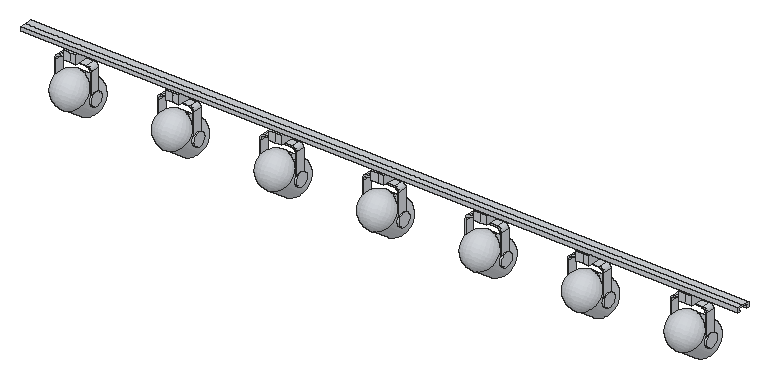
Revit family
Parameters
  OffstDown = 12"
  Lumens = 1800 lm
  Length = 84"
  Array [instance] = Length / 12" / 2  # 4
Reference planes (in)
  plane 1 "Light Source Axis (F/B)": y = 0
  plane 2 "Ceiling": z = 96
  plane 3 "Light Source Axis (L/R)": x = 0
  plane 4 "Light Source Elevation": z = 84
  plane 5: x = -42
  plane 6: x = 42
  plane 7: z = 83.5
Forms (in)
  Extrusion 1, solid
    sketch origin (0, 0, -4) x (0, 1, 0) y (0, 0, 1)
      loop
        line (0, 88) -> (-0.75, 88) -> (-0.75, 87.5) -> (-0.5, 87.5) -> (-0.5, 87.625) -> (-0.625, 87.625) -> (-0.625, 87.875) -> (0, 87.875) -> (0.625, 87.875) -> (0.625, 87.625) -> (0.5, 87.625) -> (0.5, 87.5) -> (0.75, 87.5) -> (0.75, 88) -> (0, 88)
    from -42 to 42
Lines and regions (in)
  sketch lines
    curve 1: line (-60, 60, 0) -> (60, 60, 0)
    curve 2: line (-60, 60, 0) -> (-60, -60, 0)
    curve 3: line (-60, -60, 0) -> (60, -60, 0)
    curve 4: line (60, 60, 0) -> (60, -60, 0)
Dimensions and locks (in)
  equal spacing: curve 2, plane 3 "Light Source Axis (L/R)", curve 4
  equal spacing: curve 3, plane 1 "Light Source Axis (F/B)", curve 1
  curve 2 to curve 4 = 120"
  curve 3 to curve 1 = 120"
  "Length": plane 6 to plane 5
  equal spacing: plane 6, plane 3 "Light Source Axis (L/R)", plane 5
  equal spacing: group 1, group 2, group 4, group 5  (x3)
  equal spacing: group 7, group 6, group 3, group 1
  equal spacing: group 1, group 3, group 6, group 7  (x2)
  "OffstDown": plane 2 "Ceiling" to plane 4 "Light Source Elevation"
  plane 4 "Light Source Elevation" to plane 7 = 1/2"
  aligned and locked: plane 6 to Extrusion 1
  aligned and locked: Extrusion 1 to plane 5
  aligned and locked: plane 3 "Light Source Axis (L/R)" to nested 1
  aligned and locked: Extrusion 1 to Extrusion 1
  aligned and locked: nested 1 to Extrusion 1
  aligned and locked: nested 2 to Extrusion 1
  aligned and locked: nested 3 to Extrusion 1
  aligned and locked: Extrusion 1 to plane 4 "Light Source Elevation"
  aligned and locked: plane 7 to Extrusion 1
Automatic sketch dimensions
  Extrusion 1 sketch curve to plane 2 "Ceiling" = 12"
  Extrusion 1 sketch curve to plane 1 "Light Source Axis (F/B)" = 0"  (x2)
  plane 1 "Light Source Axis (F/B)" to Extrusion 1 sketch curve = 1/2"
  Extrusion 1 sketch curve to Extrusion 1 sketch curve = 1/8"  (x6)
  Extrusion 1 sketch curve to plane 1 "Light Source Axis (F/B)" = 1/2"
  Extrusion 1 sketch curve to plane 2 "Ceiling" = 12 1/8"
  Extrusion 1 sketch curve to Extrusion 1 sketch curve = 1/4"  (x2)
Nested families (in)
  nested 1: "4 track light model" at (0, 0, 83.5), type "4 track light model"
  nested 2: "4 track light model" at (12, 0, 83.5), type "4 track light model"
  nested 3: "4 track light model" at (-12, 0, 83.5), type "4 track light model"
  nested 4: "4 track light model" at (24, 0, 83.5), type "4 track light model"
  nested 5: "4 track light model" at (36, 0, 83.5), type "4 track light model"
  nested 6: "4 track light model" at (-24, 0, 83.5), type "4 track light model"
  nested 7: "4 track light model" at (-36, 0, 83.5), type "4 track light model"
Definition of nested family "4 track light model"
  Reference planes (in)
    plane 1 "Center (Front/Back)": y = 0
    plane 2: z = 0
    plane 3 "Center (Left/Right)": x = 0
  Forms (in)
    Extrusion 1, solid
      sketch origin (0, 0.5, -1) x (-1, 0, 0) y (0, 0, -1)
        loop
          line (-2, 0.6225) -> (-2, 4) -> (-2.125, 4) -> (-2.125, 0.5)
          arc (-2.125, 0.5) -> (-1.97855, 0.14645) -> (-1.625, 0) r 0.5
          line (-1.625, 0) -> (1.625, 0)
          arc (1.625, 0) -> (1.97855, 0.14645) -> (2.125, 0.5) r 0.5
          line (2.125, 0.5) -> (2.125, 4) -> (2, 4) -> (2, 0.6225)
          arc (2, 0.6225) -> (1.85355, 0.26895) -> (1.5, 0.1225) r 0.5
          line (1.5, 0.1225) -> (-1.5, 0.1225)
          arc (-1.5, 0.1225) -> (-1.85355, 0.26895) -> (-2, 0.6225) r 0.5
      from 0 to 1
    Extrusion 2, void
      sketch origin (0, 0.5, -1) x (0, 1, 0) y (0, 0, -1)
        loop
          line (0, 3.5) -> (0, 4) -> (-0.5, 4)
          arc (-0.5, 4) -> (-0.14645, 3.85355) -> (0, 3.5) r 0.5
      from -2.125 to 2.125
    Extrusion 3, void
      sketch origin (0, 0.5, -1) x (0, 1, 0) y (0, 0, -1)
        loop
          line (-0.5, 4) -> (-1, 4) -> (-1, 3.5)
          arc (-1, 3.5) -> (-0.85355, 3.85355) -> (-0.5, 4) r 0.5
      from -2.125 to 2.125
    Extrusion 4, void
      sketch origin (0, 0.5, -1) x (0, 1, 0) y (0, 0, -1)
        loop
          circle (-0.5, 3.5) r 0.125
      from -2.125 to 2.125
    Extrusion 5, solid
      sketch origin (0.12388, 1.5638, -5.75356) x (0, -0.573576, -0.819152) y (1, 0, 0)
        loop
          circle (-0.08343, -0.12315) r 2
      from 0 to 3
    Extrusion 6, void
      sketch origin (0.12388, 1.5638, -5.75356) x (0, -0.573576, -0.819152) y (1, 0, 0)
        loop
          circle (-0.08343, -0.12315) r 1.875
      from 0 to 2.5
    Extrusion 7, solid
      sketch origin (2.125, 0.5, -1) x (-1, 0, 0) y (0, -1, 0)
        loop
          line (2.125, 1.5) -> (1.375, 1.5) -> (1.375, -0.5) -> (2.875, -0.5) -> (2.875, 1.5) -> (2.125, 1.5)
      from 0 to 1
    Revolve 8, solid
      sketch origin (0.12388, -0.89366, -4.03283) x (0, -0.573576, -0.819152) y (1, 0, 0)
        loop
          line (1.91657, -0.12315) -> (-2.08343, -0.12315)
          arc (-2.08343, -0.12315) -> (-0.08343, -2.12315) -> (1.91657, -0.12315) r 2
        axis (1.91657, -0.12315) -> (-2.08343, -0.12315)
      angle from 0 to -180
    Extrusion 9, solid
      sketch origin (2.125, 0.5, -5) x (0, 0, 1) y (0, -1, 0)
        loop
          circle (0.52097, 0.52389) r 0.75
      from 0 to 0.25
    Extrusion 10, solid
      sketch origin (-2.125, 0.5, -1) x (0, 0, -1) y (0, -1, 0)
        loop
          circle (3.5, 0.5) r 0.75
      from 0 to 0.25
  Cuts and joins
    Extrusion 2 cuts Extrusion 1
    Extrusion 2 cuts Extrusion 5
    Extrusion 2 cuts Revolve 8
    Extrusion 2 cuts Extrusion 9
    Extrusion 2 cuts Extrusion 10
